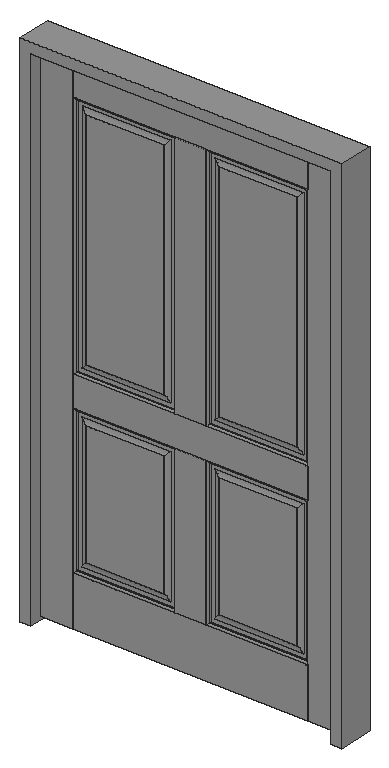
Revit family "V1200MER4PCARVE9", category Doors, host Wall, Revit 2015 (continued)
Automatic sketch dimensions
  Sweep 207 sketch curve to Sweep 207 sketch curve = 3.5 mm
  Sweep 208 sketch curve to plane 3 "Left" = 251.5 mm
  Sweep 208 sketch curve to Sweep 208 sketch curve = 15.295 mm  (x5)
  level to Sweep 208 sketch curve = 522.292 mm
  Sweep 208 sketch curve to Sweep 208 sketch curve = 53.26 mm
  Sweep 208 sketch curve to Sweep 208 sketch curve = 0 mm
  Sweep 208 sketch curve to profile plane = 0 mm
  profile plane to Sweep 208 sketch curve = 4 mm
  Sweep 208 sketch curve to profile plane = 4 mm
  plane 6 "Exterior" to Sweep 208 sketch curve = 59 mm
  Sweep 208 sketch curve to Sweep 208 sketch curve = 3.5 mm
  plane 2 "Center (Left/Right)" to Sweep 209 sketch curve = 261.918 mm
  Sweep 209 sketch curve to Sweep 209 sketch curve = 15.295 mm  (x5)
  Sweep 209 sketch curve to level = 522.292 mm
  Sweep 209 sketch curve to Sweep 209 sketch curve = 53.26 mm
  Sweep 209 sketch curve to Sweep 209 sketch curve = 0 mm
  Sweep 209 sketch curve to profile plane = 0 mm
  profile plane to Sweep 209 sketch curve = 4 mm
  Sweep 209 sketch curve to profile plane = 4 mm
  plane 6 "Exterior" to Sweep 209 sketch curve = 59 mm
  Sweep 209 sketch curve to Sweep 209 sketch curve = 3.5 mm
  level to Sweep 210 sketch curve = 499.925 mm
  Sweep 210 sketch curve to Sweep 210 sketch curve = 15.295 mm  (x5)
  Sweep 210 sketch curve to plane 2 "Center (Left/Right)" = 284.284 mm
  Sweep 210 sketch curve to Sweep 210 sketch curve = 53.26 mm
  Sweep 210 sketch curve to Sweep 210 sketch curve = 0 mm
  Sweep 210 sketch curve to profile plane = 0 mm
  profile plane to Sweep 210 sketch curve = 4 mm
  Sweep 210 sketch curve to profile plane = 4 mm
  plane 6 "Exterior" to Sweep 210 sketch curve = 59 mm
  Sweep 210 sketch curve to Sweep 210 sketch curve = 3.5 mm
  Sweep 211 sketch curve to plane 2 "Center (Left/Right)" = 251.918 mm
  Sweep 211 sketch curve to Sweep 211 sketch curve = 47.403 mm  (x2)
  level to Sweep 211 sketch curve = 540.515 mm
  profile plane to Sweep 211 sketch curve = 0 mm
  profile plane to Sweep 211 sketch curve = 4 mm
  Sweep 211 sketch curve to profile plane = 4 mm
  plane 6 "Exterior" to Sweep 211 sketch curve = 59 mm
  Sweep 211 sketch curve to Sweep 211 sketch curve = 3.5 mm
  plane 2 "Center (Left/Right)" to Sweep 212 sketch curve = 163.926 mm
  Sweep 212 sketch curve to Sweep 212 sketch curve = 15.295 mm  (x5)
  Sweep 212 sketch curve to level = 522.292 mm
  Sweep 212 sketch curve to Sweep 212 sketch curve = 53.26 mm
  Sweep 212 sketch curve to Sweep 212 sketch curve = 0 mm
  Sweep 212 sketch curve to profile plane = 0 mm
  profile plane to Sweep 212 sketch curve = 4 mm
  Sweep 212 sketch curve to profile plane = 4 mm
  plane 6 "Exterior" to Sweep 212 sketch curve = 59 mm
  Sweep 212 sketch curve to Sweep 212 sketch curve = 3.5 mm
  level to Sweep 213 sketch curve = 499.925 mm
  Sweep 213 sketch curve to Sweep 213 sketch curve = 15.295 mm  (x5)
  Sweep 213 sketch curve to plane 2 "Center (Left/Right)" = 186.292 mm
  Sweep 213 sketch curve to Sweep 213 sketch curve = 53.26 mm
  Sweep 213 sketch curve to Sweep 213 sketch curve = 0 mm
  Sweep 213 sketch curve to profile plane = 0 mm
  profile plane to Sweep 213 sketch curve = 4 mm
  Sweep 213 sketch curve to profile plane = 4 mm
  plane 6 "Exterior" to Sweep 213 sketch curve = 59 mm
  Sweep 213 sketch curve to Sweep 213 sketch curve = 3.5 mm
  Sweep 214 sketch curve to plane 2 "Center (Left/Right)" = 153.926 mm
  Sweep 214 sketch curve to Sweep 214 sketch curve = 14.426 mm
  level to Sweep 214 sketch curve = 540.515 mm
  Sweep 214 sketch curve to Sweep 214 sketch curve = 47.403 mm
  profile plane to Sweep 214 sketch curve = 0 mm
  profile plane to Sweep 214 sketch curve = 4 mm
  Sweep 214 sketch curve to profile plane = 4 mm
  plane 6 "Exterior" to Sweep 214 sketch curve = 59 mm
  Sweep 214 sketch curve to Sweep 214 sketch curve = 3.5 mm
  Sweep 215 sketch curve to plane 2 "Center (Left/Right)" = 156.854 mm
  level to Sweep 215 sketch curve = 499.925 mm
  Sweep 215 sketch curve to plane 2 "Center (Left/Right)" = 172.149 mm
  Sweep 215 sketch curve to Sweep 215 sketch curve = 15.295 mm  (x2)
  Sweep 215 sketch curve to Sweep 215 sketch curve = 17.354 mm
  Sweep 215 sketch curve to Sweep 215 sketch curve = 17.355 mm
  Sweep 215 sketch curve to profile plane = 0 mm
  profile plane to Sweep 215 sketch curve = 4 mm
  Sweep 215 sketch curve to profile plane = 4 mm
  plane 6 "Exterior" to Sweep 215 sketch curve = 59 mm
  Sweep 215 sketch curve to Sweep 215 sketch curve = 3.5 mm
  plane 2 "Center (Left/Right)" to Sweep 216 sketch curve = 302.508 mm
  Sweep 216 sketch curve to Sweep 216 sketch curve = 47.403 mm  (x2)
  level to Sweep 216 sketch curve = 442.523 mm
  Sweep 216 sketch curve to profile plane = 0 mm
  profile plane to Sweep 216 sketch curve = 4 mm
  Sweep 216 sketch curve to profile plane = 4 mm
  plane 6 "Exterior" to Sweep 216 sketch curve = 59 mm
  Sweep 216 sketch curve to Sweep 216 sketch curve = 3.5 mm
  level to Sweep 217 sketch curve = 424.299 mm
  Sweep 217 sketch curve to Sweep 217 sketch curve = 15.295 mm  (x6)
  Sweep 217 sketch curve to Sweep 217 sketch curve = 53.26 mm
  Sweep 217 sketch curve to Sweep 217 sketch curve = 0 mm
  plane 2 "Center (Left/Right)" to Sweep 217 sketch curve = 292.508 mm
  Sweep 217 sketch curve to profile plane = 0 mm
  profile plane to Sweep 217 sketch curve = 4 mm
  plane 6 "Exterior" to Sweep 217 sketch curve = 59 mm
  Sweep 217 sketch curve to Sweep 217 sketch curve = 3.5 mm
  Sweep 217 sketch curve to profile plane = 4 mm
  Sweep 218 sketch curve to level = 424.299 mm
  Sweep 218 sketch curve to Sweep 218 sketch curve = 15.295 mm  (x6)
  Sweep 218 sketch curve to Sweep 218 sketch curve = 53.26 mm
  Sweep 218 sketch curve to Sweep 218 sketch curve = 0 mm
  Sweep 218 sketch curve to plane 4 "Right" = 282.09 mm
  Sweep 218 sketch curve to profile plane = 0 mm
  Sweep 218 sketch curve to profile plane = 4 mm
  plane 6 "Exterior" to Sweep 218 sketch curve = 59 mm
  Sweep 218 sketch curve to Sweep 218 sketch curve = 3.5 mm
  profile plane to Sweep 218 sketch curve = 4 mm
  Sweep 219 sketch curve to plane 2 "Center (Left/Right)" = 284.284 mm
  Sweep 219 sketch curve to Sweep 219 sketch curve = 15.295 mm  (x6)
  Sweep 219 sketch curve to Sweep 219 sketch curve = 53.26 mm
  Sweep 219 sketch curve to Sweep 219 sketch curve = 0 mm
  Sweep 219 sketch curve to level = 432.523 mm
  Sweep 219 sketch curve to profile plane = 0 mm
  profile plane to Sweep 219 sketch curve = 4 mm
  Sweep 219 sketch curve to profile plane = 4 mm
  plane 6 "Exterior" to Sweep 219 sketch curve = 59 mm
  Sweep 219 sketch curve to Sweep 219 sketch curve = 3.5 mm
  plane 2 "Center (Left/Right)" to Sweep 220 sketch curve = 204.515 mm
  Sweep 220 sketch curve to Sweep 220 sketch curve = 47.403 mm  (x2)
  level to Sweep 220 sketch curve = 442.523 mm
  Sweep 220 sketch curve to profile plane = 0 mm
  profile plane to Sweep 220 sketch curve = 4 mm
  Sweep 220 sketch curve to profile plane = 4 mm
  plane 6 "Exterior" to Sweep 220 sketch curve = 59 mm
  Sweep 220 sketch curve to Sweep 220 sketch curve = 3.5 mm
  plane 2 "Center (Left/Right)" to Sweep 221 sketch curve = 179.221 mm  (x2)
  level to Sweep 221 sketch curve = 424.299 mm
  plane 2 "Center (Left/Right)" to Sweep 221 sketch curve = 194.515 mm
  Sweep 221 sketch curve to Sweep 221 sketch curve = 15.295 mm  (x3)
  plane 2 "Center (Left/Right)" to Sweep 221 sketch curve = 163.926 mm
  Sweep 221 sketch curve to Sweep 221 sketch curve = 53.26 mm
  Sweep 221 sketch curve to Sweep 221 sketch curve = 0 mm
  Sweep 221 sketch curve to profile plane = 0 mm
  profile plane to Sweep 221 sketch curve = 4 mm
  plane 6 "Exterior" to Sweep 221 sketch curve = 59 mm
  Sweep 221 sketch curve to Sweep 221 sketch curve = 3.5 mm
  Sweep 221 sketch curve to profile plane = 4 mm
  Sweep 222 sketch curve to plane 2 "Center (Left/Right)" = 186.292 mm
  Sweep 222 sketch curve to Sweep 222 sketch curve = 15.295 mm  (x6)
  Sweep 222 sketch curve to Sweep 222 sketch curve = 53.26 mm
  Sweep 222 sketch curve to Sweep 222 sketch curve = 0 mm
  Sweep 222 sketch curve to level = 432.523 mm
  Sweep 222 sketch curve to profile plane = 0 mm
  profile plane to Sweep 222 sketch curve = 4 mm
  Sweep 222 sketch curve to profile plane = 4 mm
  plane 6 "Exterior" to Sweep 222 sketch curve = 59 mm
  Sweep 222 sketch curve to Sweep 222 sketch curve = 3.5 mm
  plane 2 "Center (Left/Right)" to Sweep 223 sketch curve = 139.5 mm
  Sweep 223 sketch curve to Sweep 223 sketch curve = 14.426 mm
  level to Sweep 223 sketch curve = 442.523 mm
  Sweep 223 sketch curve to Sweep 223 sketch curve = 47.403 mm
  Sweep 223 sketch curve to profile plane = 0 mm
  profile plane to Sweep 223 sketch curve = 4 mm
  Sweep 223 sketch curve to profile plane = 4 mm
  plane 6 "Exterior" to Sweep 223 sketch curve = 59 mm
  Sweep 223 sketch curve to Sweep 223 sketch curve = 3.5 mm
  Sweep 224 sketch curve to plane 2 "Center (Left/Right)" = 139.5 mm
  Sweep 224 sketch curve to Sweep 224 sketch curve = 17.355 mm  (x2)
  Sweep 224 sketch curve to Sweep 224 sketch curve = 15.295 mm  (x2)
  Sweep 224 sketch curve to level = 432.523 mm
  Sweep 224 sketch curve to Sweep 224 sketch curve = 30.59 mm
  Sweep 224 sketch curve to profile plane = 0 mm
  profile plane to Sweep 224 sketch curve = 4 mm
  Sweep 224 sketch curve to profile plane = 4 mm
  plane 6 "Exterior" to Sweep 224 sketch curve = 59 mm
  Sweep 224 sketch curve to Sweep 224 sketch curve = 3.5 mm
  plane 2 "Center (Left/Right)" to Sweep 225 sketch curve = 302.508 mm
  Sweep 225 sketch curve to Sweep 225 sketch curve = 47.403 mm  (x2)
  level to Sweep 225 sketch curve = 344.531 mm
  Sweep 225 sketch curve to profile plane = 0 mm
  profile plane to Sweep 225 sketch curve = 4 mm
  Sweep 225 sketch curve to profile plane = 4 mm
  plane 6 "Exterior" to Sweep 225 sketch curve = 59 mm
  Sweep 225 sketch curve to Sweep 225 sketch curve = 3.5 mm
  level to Sweep 226 sketch curve = 326.307 mm
  Sweep 226 sketch curve to Sweep 226 sketch curve = 15.295 mm  (x6)
  Sweep 226 sketch curve to Sweep 226 sketch curve = 53.26 mm
  Sweep 226 sketch curve to Sweep 226 sketch curve = 0 mm
  plane 2 "Center (Left/Right)" to Sweep 226 sketch curve = 292.508 mm
  Sweep 226 sketch curve to profile plane = 0 mm
  profile plane to Sweep 226 sketch curve = 4 mm
  plane 6 "Exterior" to Sweep 226 sketch curve = 59 mm
  Sweep 226 sketch curve to Sweep 226 sketch curve = 3.5 mm
  Sweep 226 sketch curve to profile plane = 4 mm
  Sweep 227 sketch curve to level = 326.307 mm
  Sweep 227 sketch curve to Sweep 227 sketch curve = 15.295 mm  (x6)
  Sweep 227 sketch curve to Sweep 227 sketch curve = 53.26 mm
  Sweep 227 sketch curve to Sweep 227 sketch curve = 0 mm
  Sweep 227 sketch curve to plane 4 "Right" = 282.09 mm
  Sweep 227 sketch curve to profile plane = 0 mm
  Sweep 227 sketch curve to profile plane = 4 mm
  plane 6 "Exterior" to Sweep 227 sketch curve = 59 mm
  Sweep 227 sketch curve to Sweep 227 sketch curve = 3.5 mm
  profile plane to Sweep 227 sketch curve = 4 mm
  Sweep 228 sketch curve to plane 2 "Center (Left/Right)" = 284.284 mm
  Sweep 228 sketch curve to Sweep 228 sketch curve = 15.295 mm  (x6)
  Sweep 228 sketch curve to Sweep 228 sketch curve = 53.26 mm
  Sweep 228 sketch curve to Sweep 228 sketch curve = 0 mm
  Sweep 228 sketch curve to level = 334.531 mm
  Sweep 228 sketch curve to profile plane = 0 mm
  profile plane to Sweep 228 sketch curve = 4 mm
  Sweep 228 sketch curve to profile plane = 4 mm
  plane 6 "Exterior" to Sweep 228 sketch curve = 59 mm
  Sweep 228 sketch curve to Sweep 228 sketch curve = 3.5 mm
  plane 2 "Center (Left/Right)" to Sweep 229 sketch curve = 204.515 mm
  Sweep 229 sketch curve to Sweep 229 sketch curve = 47.403 mm  (x2)
  level to Sweep 229 sketch curve = 344.531 mm
  Sweep 229 sketch curve to profile plane = 0 mm
  profile plane to Sweep 229 sketch curve = 4 mm
  Sweep 229 sketch curve to profile plane = 4 mm
  plane 6 "Exterior" to Sweep 229 sketch curve = 59 mm
  Sweep 229 sketch curve to Sweep 229 sketch curve = 3.5 mm
  level to Sweep 230 sketch curve = 326.307 mm
  Sweep 230 sketch curve to Sweep 230 sketch curve = 15.295 mm  (x5)
  plane 2 "Center (Left/Right)" to Sweep 230 sketch curve = 163.926 mm
  Sweep 230 sketch curve to Sweep 230 sketch curve = 53.26 mm
  Sweep 230 sketch curve to Sweep 230 sketch curve = 0 mm
  plane 2 "Center (Left/Right)" to Sweep 230 sketch curve = 179.221 mm
  Sweep 230 sketch curve to profile plane = 0 mm
  profile plane to Sweep 230 sketch curve = 4 mm
  plane 6 "Exterior" to Sweep 230 sketch curve = 59 mm
  Sweep 230 sketch curve to Sweep 230 sketch curve = 3.5 mm
  Sweep 230 sketch curve to profile plane = 4 mm
  Sweep 231 sketch curve to plane 2 "Center (Left/Right)" = 186.292 mm
  Sweep 231 sketch curve to Sweep 231 sketch curve = 15.295 mm  (x6)
  Sweep 231 sketch curve to Sweep 231 sketch curve = 53.26 mm
  Sweep 231 sketch curve to Sweep 231 sketch curve = 0 mm
  Sweep 231 sketch curve to level = 334.531 mm
  Sweep 231 sketch curve to profile plane = 0 mm
  profile plane to Sweep 231 sketch curve = 4 mm
  Sweep 231 sketch curve to profile plane = 4 mm
  plane 6 "Exterior" to Sweep 231 sketch curve = 59 mm
  Sweep 231 sketch curve to Sweep 231 sketch curve = 3.5 mm
  plane 2 "Center (Left/Right)" to Sweep 232 sketch curve = 139.5 mm
  Sweep 232 sketch curve to Sweep 232 sketch curve = 14.426 mm
  level to Sweep 232 sketch curve = 344.531 mm
  Sweep 232 sketch curve to Sweep 232 sketch curve = 47.403 mm
  Sweep 232 sketch curve to profile plane = 0 mm
  profile plane to Sweep 232 sketch curve = 4 mm
  Sweep 232 sketch curve to profile plane = 4 mm
  plane 6 "Exterior" to Sweep 232 sketch curve = 59 mm
  Sweep 232 sketch curve to Sweep 232 sketch curve = 3.5 mm
  Sweep 233 sketch curve to plane 2 "Center (Left/Right)" = 139.5 mm
  Sweep 233 sketch curve to Sweep 233 sketch curve = 17.355 mm  (x2)
  Sweep 233 sketch curve to Sweep 233 sketch curve = 15.295 mm  (x2)
  Sweep 233 sketch curve to level = 334.531 mm
  Sweep 233 sketch curve to Sweep 233 sketch curve = 30.59 mm
  Sweep 233 sketch curve to profile plane = 0 mm
  profile plane to Sweep 233 sketch curve = 4 mm
  Sweep 233 sketch curve to profile plane = 4 mm
  plane 6 "Exterior" to Sweep 233 sketch curve = 59 mm
  Sweep 233 sketch curve to Sweep 233 sketch curve = 3.5 mm
  Sweep 234 sketch curve to plane 3 "Left" = 292.09 mm
  Sweep 234 sketch curve to Sweep 234 sketch curve = 47.403 mm  (x2)
  level to Sweep 234 sketch curve = 442.523 mm
  profile plane to Sweep 234 sketch curve = 0 mm
  profile plane to Sweep 234 sketch curve = 4 mm
  Sweep 234 sketch curve to profile plane = 4 mm
  plane 6 "Exterior" to Sweep 234 sketch curve = 59 mm
  Sweep 234 sketch curve to Sweep 234 sketch curve = 3.5 mm
  Sweep 235 sketch curve to plane 3 "Left" = 251.5 mm
  Sweep 235 sketch curve to Sweep 235 sketch curve = 15.295 mm  (x5)
  level to Sweep 235 sketch curve = 424.299 mm
  Sweep 235 sketch curve to Sweep 235 sketch curve = 53.26 mm
  Sweep 235 sketch curve to Sweep 235 sketch curve = 0 mm
  Sweep 235 sketch curve to profile plane = 0 mm
  profile plane to Sweep 235 sketch curve = 4 mm
  Sweep 235 sketch curve to profile plane = 4 mm
  plane 6 "Exterior" to Sweep 235 sketch curve = 59 mm
  Sweep 235 sketch curve to Sweep 235 sketch curve = 3.5 mm
  plane 2 "Center (Left/Right)" to Sweep 236 sketch curve = 261.918 mm
  Sweep 236 sketch curve to Sweep 236 sketch curve = 15.295 mm  (x5)
  Sweep 236 sketch curve to level = 424.299 mm
  Sweep 236 sketch curve to Sweep 236 sketch curve = 53.26 mm
  Sweep 236 sketch curve to Sweep 236 sketch curve = 0 mm
  Sweep 236 sketch curve to profile plane = 0 mm
  profile plane to Sweep 236 sketch curve = 4 mm
  Sweep 236 sketch curve to profile plane = 4 mm
  plane 6 "Exterior" to Sweep 236 sketch curve = 59 mm
  Sweep 236 sketch curve to Sweep 236 sketch curve = 3.5 mm
  level to Sweep 237 sketch curve = 401.933 mm
  Sweep 237 sketch curve to Sweep 237 sketch curve = 15.295 mm  (x5)
  Sweep 237 sketch curve to plane 2 "Center (Left/Right)" = 284.284 mm
  Sweep 237 sketch curve to Sweep 237 sketch curve = 53.26 mm
  Sweep 237 sketch curve to Sweep 237 sketch curve = 0 mm
  Sweep 237 sketch curve to profile plane = 0 mm
  profile plane to Sweep 237 sketch curve = 4 mm
  Sweep 237 sketch curve to profile plane = 4 mm
  plane 6 "Exterior" to Sweep 237 sketch curve = 59 mm
  Sweep 237 sketch curve to Sweep 237 sketch curve = 3.5 mm
  Sweep 238 sketch curve to plane 2 "Center (Left/Right)" = 251.918 mm
  Sweep 238 sketch curve to Sweep 238 sketch curve = 47.403 mm  (x2)
  level to Sweep 238 sketch curve = 442.523 mm
  profile plane to Sweep 238 sketch curve = 0 mm
  profile plane to Sweep 238 sketch curve = 4 mm
  Sweep 238 sketch curve to profile plane = 4 mm
  plane 6 "Exterior" to Sweep 238 sketch curve = 59 mm
  Sweep 238 sketch curve to Sweep 238 sketch curve = 3.5 mm
  plane 2 "Center (Left/Right)" to Sweep 239 sketch curve = 163.926 mm
  Sweep 239 sketch curve to Sweep 239 sketch curve = 15.295 mm  (x5)
  Sweep 239 sketch curve to level = 424.299 mm
  Sweep 239 sketch curve to Sweep 239 sketch curve = 53.26 mm
  Sweep 239 sketch curve to Sweep 239 sketch curve = 0 mm
  Sweep 239 sketch curve to profile plane = 0 mm
  profile plane to Sweep 239 sketch curve = 4 mm
  Sweep 239 sketch curve to profile plane = 4 mm
  plane 6 "Exterior" to Sweep 239 sketch curve = 59 mm
  Sweep 239 sketch curve to Sweep 239 sketch curve = 3.5 mm
  level to Sweep 240 sketch curve = 401.933 mm
  Sweep 240 sketch curve to Sweep 240 sketch curve = 15.295 mm  (x5)
  Sweep 240 sketch curve to plane 2 "Center (Left/Right)" = 186.292 mm
  Sweep 240 sketch curve to Sweep 240 sketch curve = 53.26 mm
  Sweep 240 sketch curve to Sweep 240 sketch curve = 0 mm
  Sweep 240 sketch curve to profile plane = 0 mm
  profile plane to Sweep 240 sketch curve = 4 mm
  Sweep 240 sketch curve to profile plane = 4 mm
  plane 6 "Exterior" to Sweep 240 sketch curve = 59 mm
  Sweep 240 sketch curve to Sweep 240 sketch curve = 3.5 mm
  Sweep 241 sketch curve to plane 2 "Center (Left/Right)" = 153.926 mm
  Sweep 241 sketch curve to Sweep 241 sketch curve = 14.426 mm
  level to Sweep 241 sketch curve = 442.523 mm
  Sweep 241 sketch curve to Sweep 241 sketch curve = 47.403 mm
  profile plane to Sweep 241 sketch curve = 0 mm
  profile plane to Sweep 241 sketch curve = 4 mm
  Sweep 241 sketch curve to profile plane = 4 mm
  plane 6 "Exterior" to Sweep 241 sketch curve = 59 mm
  Sweep 241 sketch curve to Sweep 241 sketch curve = 3.5 mm
  Sweep 242 sketch curve to plane 2 "Center (Left/Right)" = 156.854 mm
  level to Sweep 242 sketch curve = 401.933 mm
  Sweep 242 sketch curve to plane 2 "Center (Left/Right)" = 172.149 mm
  Sweep 242 sketch curve to Sweep 242 sketch curve = 15.295 mm  (x2)
  Sweep 242 sketch curve to Sweep 242 sketch curve = 17.354 mm
  Sweep 242 sketch curve to Sweep 242 sketch curve = 17.355 mm
  Sweep 242 sketch curve to profile plane = 0 mm
  profile plane to Sweep 242 sketch curve = 4 mm
  Sweep 242 sketch curve to profile plane = 4 mm
  plane 6 "Exterior" to Sweep 242 sketch curve = 59 mm
  Sweep 242 sketch curve to Sweep 242 sketch curve = 3.5 mm
  Sweep 243 sketch curve to plane 3 "Left" = 292.09 mm
  Sweep 243 sketch curve to Sweep 243 sketch curve = 47.403 mm  (x2)
  level to Sweep 243 sketch curve = 344.531 mm
  profile plane to Sweep 243 sketch curve = 0 mm
  profile plane to Sweep 243 sketch curve = 4 mm
  Sweep 243 sketch curve to profile plane = 4 mm
  plane 6 "Exterior" to Sweep 243 sketch curve = 59 mm
  Sweep 243 sketch curve to Sweep 243 sketch curve = 3.5 mm
  Sweep 244 sketch curve to plane 3 "Left" = 251.5 mm
  Sweep 244 sketch curve to Sweep 244 sketch curve = 15.295 mm  (x5)
  level to Sweep 244 sketch curve = 326.307 mm
  Sweep 244 sketch curve to Sweep 244 sketch curve = 53.26 mm
  Sweep 244 sketch curve to Sweep 244 sketch curve = 0 mm
  Sweep 244 sketch curve to profile plane = 0 mm
  profile plane to Sweep 244 sketch curve = 4 mm
  Sweep 244 sketch curve to profile plane = 4 mm
  plane 6 "Exterior" to Sweep 244 sketch curve = 59 mm
  Sweep 244 sketch curve to Sweep 244 sketch curve = 3.5 mm
  plane 2 "Center (Left/Right)" to Sweep 245 sketch curve = 261.918 mm
  Sweep 245 sketch curve to Sweep 245 sketch curve = 15.295 mm  (x5)
  Sweep 245 sketch curve to level = 326.307 mm
  Sweep 245 sketch curve to Sweep 245 sketch curve = 53.26 mm
  Sweep 245 sketch curve to Sweep 245 sketch curve = 0 mm
  Sweep 245 sketch curve to profile plane = 0 mm
  profile plane to Sweep 245 sketch curve = 4 mm
  Sweep 245 sketch curve to profile plane = 4 mm
  plane 6 "Exterior" to Sweep 245 sketch curve = 59 mm
  Sweep 245 sketch curve to Sweep 245 sketch curve = 3.5 mm
  level to Sweep 246 sketch curve = 303.941 mm
  Sweep 246 sketch curve to Sweep 246 sketch curve = 15.295 mm  (x5)
  Sweep 246 sketch curve to plane 2 "Center (Left/Right)" = 284.284 mm
  Sweep 246 sketch curve to Sweep 246 sketch curve = 53.26 mm
  Sweep 246 sketch curve to Sweep 246 sketch curve = 0 mm
  Sweep 246 sketch curve to profile plane = 0 mm
  profile plane to Sweep 246 sketch curve = 4 mm
  Sweep 246 sketch curve to profile plane = 4 mm
  plane 6 "Exterior" to Sweep 246 sketch curve = 59 mm
  Sweep 246 sketch curve to Sweep 246 sketch curve = 3.5 mm
  Sweep 247 sketch curve to plane 2 "Center (Left/Right)" = 251.918 mm
  Sweep 247 sketch curve to Sweep 247 sketch curve = 47.403 mm  (x2)
  level to Sweep 247 sketch curve = 344.531 mm
  profile plane to Sweep 247 sketch curve = 0 mm
  profile plane to Sweep 247 sketch curve = 4 mm
  Sweep 247 sketch curve to profile plane = 4 mm
  plane 6 "Exterior" to Sweep 247 sketch curve = 59 mm
  Sweep 247 sketch curve to Sweep 247 sketch curve = 3.5 mm
  plane 2 "Center (Left/Right)" to Sweep 248 sketch curve = 163.926 mm
  Sweep 248 sketch curve to Sweep 248 sketch curve = 15.295 mm  (x5)
  Sweep 248 sketch curve to level = 326.307 mm
  Sweep 248 sketch curve to Sweep 248 sketch curve = 53.26 mm
  Sweep 248 sketch curve to Sweep 248 sketch curve = 0 mm
  Sweep 248 sketch curve to profile plane = 0 mm
  profile plane to Sweep 248 sketch curve = 4 mm
  Sweep 248 sketch curve to profile plane = 4 mm
  plane 6 "Exterior" to Sweep 248 sketch curve = 59 mm
  Sweep 248 sketch curve to Sweep 248 sketch curve = 3.5 mm
  level to Sweep 249 sketch curve = 303.941 mm
  Sweep 249 sketch curve to Sweep 249 sketch curve = 15.295 mm  (x5)
  Sweep 249 sketch curve to plane 2 "Center (Left/Right)" = 186.292 mm
  Sweep 249 sketch curve to Sweep 249 sketch curve = 53.26 mm
  Sweep 249 sketch curve to Sweep 249 sketch curve = 0 mm
  Sweep 249 sketch curve to profile plane = 0 mm
  profile plane to Sweep 249 sketch curve = 4 mm
  Sweep 249 sketch curve to profile plane = 4 mm
  plane 6 "Exterior" to Sweep 249 sketch curve = 59 mm
  Sweep 249 sketch curve to Sweep 249 sketch curve = 3.5 mm
  Sweep 250 sketch curve to plane 2 "Center (Left/Right)" = 153.926 mm
  Sweep 250 sketch curve to Sweep 250 sketch curve = 14.426 mm
  level to Sweep 250 sketch curve = 344.531 mm
  Sweep 250 sketch curve to Sweep 250 sketch curve = 47.403 mm
  profile plane to Sweep 250 sketch curve = 0 mm
  profile plane to Sweep 250 sketch curve = 4 mm
  Sweep 250 sketch curve to profile plane = 4 mm
  plane 6 "Exterior" to Sweep 250 sketch curve = 59 mm
  Sweep 250 sketch curve to Sweep 250 sketch curve = 3.5 mm
  level to Sweep 251 sketch curve = 303.941 mm
  Sweep 251 sketch curve to Sweep 251 sketch curve = 15.295 mm  (x3)
  Sweep 251 sketch curve to plane 2 "Center (Left/Right)" = 139.5 mm
  Sweep 251 sketch curve to Sweep 251 sketch curve = 17.354 mm
  Sweep 251 sketch curve to Sweep 251 sketch curve = 17.355 mm
  Sweep 251 sketch curve to profile plane = 0 mm
  profile plane to Sweep 251 sketch curve = 4 mm
  Sweep 251 sketch curve to profile plane = 4 mm
  plane 6 "Exterior" to Sweep 251 sketch curve = 59 mm
  Sweep 251 sketch curve to Sweep 251 sketch curve = 3.5 mm
